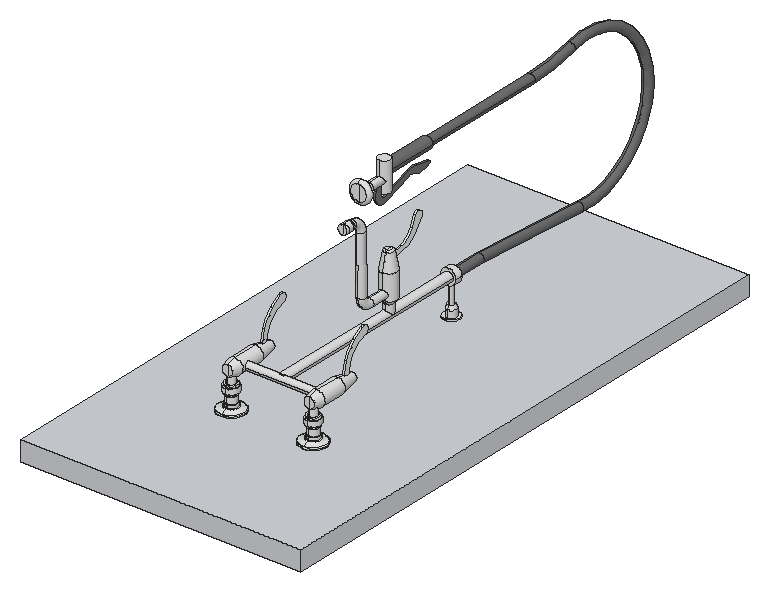
Revit family
Parameters (values of type "TF83WJP")
  WELSRating_ANZRS = ""
  URL = "www.galvinengineering.com.au"
  Type Comments = "Ezy-Wash Pre-Rinse"
  StyleOrType_ANZRS = "Plumbing Fixture"
  PlumbingMaterial_ANZRS = Metal_Taps_DR-Brass-with-Chrome-Finish_10800
  Outlet = "1000mm long high pressure hose with swivel ends"
  ModifiedIssue_ANZRS = 20120721.01  # constant formula
  Model = "TF83WJP"
  Manufacturer = "Galvin Engineering"
  Keynote = "15400"
  Instructions = "http://www.galvinengineering.com.au/Installation_Guides_1.aspx"
  Inlet = "15mm BSP Female"
  FlowRate = 0.000 L/s
  FlexibleHoseMaterial = Rubber_Taps_Black-with-Spring_10800
  FilterObject_ANZRS = "Ezy-Wash"
  DimInletRadius = 7.5 mm  # constant formula
  DimHeight = 1185.0 mm  # constant formula
  Description = "Wall Mounted Pre-Rinse Exposed Mixing Unit Type 83W"
  Default Elevation = 900.0 mm
  CreatedBy_ANZRS = "Galvin Engineering"
  CreatedByURL_ANZRS = "www.galvinengineering.com.au"
  CreatedByPhoneNo_ANZRS = "61-8-92495900"
  Assembly Code = "D2010"
Reference planes
  plane 1 "Bottom": y = 0
  plane 2 "Face": z = 0
  plane 3 "Center (Left/Right)": x = 0
  plane 4 "Top": y = 1185
  plane 5 "Width1": z = 342.559
  plane 6 "Width2": z = 402.559
  plane 7 "Left": x = -102.5
  plane 8: y = 220
  plane 9 "Right": x = 102.5
  plane 10: z = 92.559
  plane 11: y = 270
  plane 12: y = 28.5
Forms (mm)
  Extrusion 1, solid
    sketch origin (0, -719.2, 0) x (1, 0, 0) y (0, 1, 0)
      loop
        line (-350, 1769.2) -> (-350, 369.2) -> (350, 369.2) -> (350, 1769.2) -> (-350, 1769.2)
    from 0 to -50
  Extrusion 2, solid, material "Metal_Taps_DR-Brass-with-Chrome-Finish_10800" <- "PlumbingMaterial_ANZRS"
    sketch origin (0, 90.016, 158.511) x (1, 0, 0) y (0, 0, 1)
      loop
        circle (0, -66.426) r 19
    from -478.384 to -460.384
  Extrusion 3, solid, material "Metal_Taps_DR-Brass-with-Chrome-Finish_10800" <- "PlumbingMaterial_ANZRS"
    sketch origin (0, 493.399, -639.907) x (0, -1, 0) y (1, 0, 0)
      loop
        circle (-66.426, 0) r 5
    from 667.496 to 732.466
  Revolve 4, solid, material "Metal_Taps_DR-Brass-with-Chrome-Finish_10800" <- "PlumbingMaterial_ANZRS"
    sketch origin (0, 27.25, 0) x (0, 1, 0) y (0, 0, 1)
      loop
        line (532.575, 27.589) -> (523.865, 27.589) -> (520.575, 19.027) -> (520.575, 2) -> (512.575, 2) -> (512.575, 0) -> (532.575, 0) -> (532.575, 27.589)
      axis (532.575, 27.589) -> (532.575, 0)
    angle from 0 to 360
  Revolve 5, solid, material "Metal_Taps_DR-Brass-with-Chrome-Finish_10800" <- "PlumbingMaterial_ANZRS"
    sketch origin (0, 265, 232.084) x (0, 1, 0) y (0, 0, 1)
      loop
        line (-21.167, 110.475) -> (-21.167, 120.475) -> (-26.583, 122.458) -> (-40.125, 122.458) -> (-45, 121.808) -> (-45, 110.475) -> (-21.167, 110.475)
      axis (-21.167, 110.475) -> (-45, 110.475)
    angle from 0 to 360
  Revolve 6, solid, material "Metal_Taps_DR-Brass-with-Chrome-Finish_10800" <- "PlumbingMaterial_ANZRS"
    sketch origin (0, 30, 16.084) x (0, 1, 0) y (0, 0, 1)
      loop
        line (315.4, 174.531) -> (315.4, 112.555) -> (323.337, 102.201) -> (323.337, 79.337) -> (334.45, 79.337) -> (334.45, 221.495)
        arc (334.45, 221.495) -> (330.408, 221.323) -> (326.396, 220.808) r 47.506
        arc (326.396, 220.808) -> (324.257, 219.705) -> (323.137, 217.573) r 4
        line (323.137, 217.573) -> (315.4, 174.531)
      axis (334.45, 221.495) -> (334.45, 79.337)
    angle from 0 to 360
  Extrusion 7, solid, material "Metal_Taps_DR-Brass-with-Chrome-Finish_10800" <- "PlumbingMaterial_ANZRS"
    sketch origin (0, 30, 0) x (0, 1, 0) y (0, 0, 1)
      loop
        arc (405.482, 254.138) -> (391.839, 236.36) -> (371.613, 226.712) r 48
        line (371.613, 226.712) -> (337.488, 219.459) -> (339.435, 208.627) -> (379.064, 217.05)
        arc (379.064, 217.05) -> (400.215, 226.138) -> (416.278, 242.627) r 59
        line (416.278, 242.627) -> (432.699, 267.913)
        arc (432.699, 267.913) -> (429.833, 281.401) -> (416.345, 278.534) r 9.75
        line (416.345, 278.534) -> (405.482, 254.138)
    from -2.5 to 2.5
  Sweep 8, solid, material "Metal_Taps_DR-Brass-with-Chrome-Finish_10800" <- "PlumbingMaterial_ANZRS"
    path origin (0, 30, 16.084) x (0, 1, 0) y (0, 0, 1)
      loop
        line (213.833, 326.475) -> (218.713, 326.475)
        arc (218.713, 326.475) -> (237.45, 318.81) -> (245.44, 300.209) r 26.731
        line (245.44, 300.209) -> (248.035, 151.369)
        arc (248.035, 151.369) -> (255.672, 133.591) -> (273.581, 126.264) r 25.55
        line (273.581, 126.264) -> (328.581, 126.264)
    profile origin (0, 331.081, 142.349) x (0, 0, 1) y (1, 0, 0)
      loop
        circle (0, 0) r 10
  Revolve 9, solid, material "Metal_Taps_DR-Brass-with-Chrome-Finish_10800" <- "PlumbingMaterial_ANZRS"
    sketch origin (-102.5, 0, 0) x (0, 0, 1) y (0, -1, 0)
      loop
        line (92.559, 0) -> (92.559, 9.45) -> (62, 9.45) -> (62, 13.8)
        arc (62, 13.8) -> (61.561, 14.861) -> (60.5, 15.3) r 1.5
        line (60.5, 15.3) -> (56.762, 15.3)
        arc (56.762, 15.3) -> (56.255, 16.708) -> (55.5, 18) r 8.183
        line (55.5, 18) -> (43.5, 18)
        arc (43.5, 18) -> (42.745, 16.708) -> (42.238, 15.3) r 8.183
        line (42.238, 15.3) -> (38.5, 15.3)
        arc (38.5, 15.3) -> (37.439, 14.861) -> (37, 13.8) r 1.5
        line (37, 13.8) -> (37, 12.751) -> (18.816, 12.751)
        arc (18.816, 12.751) -> (18.124, 14.162) -> (16.99, 15.25) r 4.512
        line (16.99, 15.25) -> (11.696, 15.25)
        arc (11.696, 15.25) -> (10.966, 16.428) -> (9.992, 17.414) r 6.168
        arc (9.992, 17.414) -> (5.373, 23.876) -> (3.454, 31.583) r 21.211
        arc (3.454, 31.583) -> (2.988, 32.59) -> (1.957, 33) r 1.5
        line (1.957, 33) -> (0, 33) -> (0, 0) -> (92.559, 0)
      axis (92.559, 0) -> (0, 0)
    angle from 0 to 360
  Revolve 10, solid, material "Metal_Taps_DR-Brass-with-Chrome-Finish_10800" <- "PlumbingMaterial_ANZRS"
    sketch origin (-102.5, 0, 0) x (0, 0, 1) y (0, -1, 0)
      loop
        line (73.509, -75.25) -> (81.72, -120.927)
        arc (81.72, -120.927) -> (87.095, -121.976) -> (92.559, -122.327) r 42.639
        line (92.559, -122.327) -> (92.559, 11.75) -> (79.559, 11.75) -> (73.509, -11.946) -> (73.509, -75.25)
      axis (92.559, -122.327) -> (92.559, 11.75)
    angle from 0 to 360
  Extrusion 11, solid, material "Metal_Taps_DR-Brass-with-Chrome-Finish_10800" <- "PlumbingMaterial_ANZRS"
    sketch origin (-102.5, 0, 0) x (0, 0, 1) y (0, -1, 0)
      loop
        line (163.416, -138.347) -> (174.279, -162.743)
        arc (174.279, -162.743) -> (187.767, -165.61) -> (190.634, -152.123) r 9.75
        line (190.634, -152.123) -> (174.213, -126.837)
        arc (174.213, -126.837) -> (157.17, -111.772) -> (136.998, -101.26) r 93.673
        line (136.998, -101.26) -> (97.369, -92.836) -> (95.422, -103.668) -> (129.547, -110.922)
        arc (129.547, -110.922) -> (148.286, -122.406) -> (163.416, -138.347) r 84.238
    from -2.5 to 2.5
  Revolve 12, solid, material "Metal_Taps_DR-Brass-with-Chrome-Finish_10800" <- "PlumbingMaterial_ANZRS"
    sketch origin (102.5, 0, 0) x (0, 0, 1) y (0, -1, 0)
      loop
        line (92.559, 0) -> (92.559, 9.45) -> (62, 9.45) -> (62, 13.8)
        arc (62, 13.8) -> (61.561, 14.861) -> (60.5, 15.3) r 1.5
        line (60.5, 15.3) -> (56.762, 15.3)
        arc (56.762, 15.3) -> (56.255, 16.708) -> (55.5, 18) r 8.183
        line (55.5, 18) -> (43.5, 18)
        arc (43.5, 18) -> (42.745, 16.708) -> (42.238, 15.3) r 8.183
        line (42.238, 15.3) -> (38.5, 15.3)
        arc (38.5, 15.3) -> (37.439, 14.861) -> (37, 13.8) r 1.5
        line (37, 13.8) -> (37, 12.751) -> (18.816, 12.751)
        arc (18.816, 12.751) -> (18.124, 14.162) -> (16.99, 15.25) r 4.512
        line (16.99, 15.25) -> (11.696, 15.25)
        arc (11.696, 15.25) -> (10.966, 16.428) -> (9.992, 17.414) r 6.168
        arc (9.992, 17.414) -> (5.373, 23.876) -> (3.454, 31.583) r 21.211
        arc (3.454, 31.583) -> (2.988, 32.59) -> (1.957, 33) r 1.5
        line (1.957, 33) -> (0, 33) -> (0, 0) -> (92.559, 0)
      axis (92.559, 0) -> (0, 0)
    angle from 0 to 360
  Extrusion 13, solid, material "Metal_Taps_DR-Brass-with-Chrome-Finish_10800" <- "PlumbingMaterial_ANZRS"
    sketch origin (0, 284.042, -227.311) x (0, -1, 0) y (1, 0, 0)
      loop
        circle (-66.426, 0) r 15
    from 601.678 to 673.678
  Revolve 14, solid, material "Metal_Taps_DR-Brass-with-Chrome-Finish_10800" <- "PlumbingMaterial_ANZRS"
    sketch origin (0, -176.054, 16.084) x (0, 1, 0) y (0, 0, 1)
      loop
        line (475.022, 398.475) -> (468.022, 398.475)
        arc (468.022, 398.475) -> (462.365, 400.818) -> (460.022, 406.475) r 8
        arc (460.022, 406.475) -> (453.022, 413.475) -> (446.022, 406.475) r 7
        line (446.022, 406.475) -> (446.022, 386.475) -> (526.522, 386.475) -> (526.522, 395.725) -> (475.022, 395.725) -> (475.022, 398.475)
      axis (526.522, 386.475) -> (446.022, 386.475)
    angle from 0 to 360
  Revolve 15, solid, material "Metal_Taps_DR-Brass-with-Chrome-Finish_10800" <- "PlumbingMaterial_ANZRS"
    sketch origin (102.5, 0, 0) x (0, 0, 1) y (0, -1, 0)
      loop
        line (73.509, -75.25) -> (81.72, -120.927)
        arc (81.72, -120.927) -> (87.095, -121.976) -> (92.559, -122.327) r 42.639
        line (92.559, -122.327) -> (92.559, 11.75) -> (79.559, 11.75) -> (73.509, -11.946) -> (73.509, -75.25)
      axis (92.559, -122.327) -> (92.559, 11.75)
    angle from 0 to 360
  Extrusion 16, solid, material "Metal_Taps_DR-Brass-with-Chrome-Finish_10800" <- "PlumbingMaterial_ANZRS"
    sketch origin (102.5, 0, 0) x (0, 0, 1) y (0, 1, 0)
      loop
        arc (163.416, 138.347) -> (148.286, 122.406) -> (129.547, 110.922) r 84.238
        line (129.547, 110.922) -> (95.422, 103.668) -> (97.369, 92.836) -> (136.998, 101.26)
        arc (136.998, 101.26) -> (157.17, 111.772) -> (174.213, 126.837) r 93.673
        line (174.213, 126.837) -> (190.634, 152.123)
        arc (190.634, 152.123) -> (187.767, 165.61) -> (174.279, 162.743) r 9.75
        line (174.279, 162.743) -> (163.416, 138.347)
    from -2.5 to 2.5
  Extrusion 17, solid, material "Metal_Taps_DR-Brass-with-Chrome-Finish_10800" <- "PlumbingMaterial_ANZRS"
    sketch origin (0, 0, 0) x (0, 1, 0) y (0, 0, 1)
      loop
        circle (28.5, 92.559) r 9.5
    from -102.5 to 102.5
  Extrusion 18, solid, material "Rubber_Taps_Black_10800"
    sketch origin (0, 40, 16.084) x (0, 1, 0) y (0, 0, 1)
      loop
        arc (411.777, 371.767) -> (397.304, 372.477) -> (383.147, 369.382) r 55
        line (383.147, 369.382) -> (315.849, 345.019)
        arc (315.849, 345.019) -> (302.11, 345.383) -> (295.343, 357.345) r 13.957
        line (295.343, 357.345) -> (295.343, 377.158) -> (275.467, 377.158)
        arc (275.467, 377.158) -> (281.438, 374.328) -> (281.971, 367.741) r 6.607
        arc (281.971, 367.741) -> (286.393, 339.066) -> (314.624, 332.371) r 25.979
        line (314.624, 332.371) -> (382.449, 357.921)
        arc (382.449, 357.921) -> (393.112, 359.46) -> (403.432, 356.369) r 25
        arc (403.432, 356.369) -> (425.167, 351.302) -> (446.286, 358.517) r 40.5
        arc (446.286, 358.517) -> (447.909, 362.648) -> (444.72, 365.734) r 4
        line (444.72, 365.734) -> (411.777, 371.767)
    from -2.5 to 2.5
  Extrusion 19, solid, material "Rubber_Taps_Black_10800"
    sketch origin (0, -182.443, 489.293) x (1, 0, 0) y (0, 0, 1)
      loop
        circle (0, -66.426) r 15
    from -664.611 to -535.911
  Sweep 20, solid, material "Rubber_Taps_Black-with-Spring_10800" <- "FlexibleHoseMaterial"
    path origin (0, 175, 16.084) x (0, 1, 0) y (0, 0, 1)
      loop
        line (393.4, 76) -> (471.092, 76)
        arc (471.092, 76) -> (626.826, 70.392) -> (781.754, 53.595) r 2165
        arc (781.754, 53.595) -> (998.347, 253.639) -> (757.789, 424.115) r 189.76
        arc (757.789, 424.115) -> (695.326, 411.136) -> (631.678, 406.783) r 467.457
    profile origin (0, 607.246, 92.084) x (0, 0, 1) y (1, 0, 0)
      loop
        circle (0, 0) r 11.1
  Extrusion 21, solid, material "Rubber_Taps_Black_10800"
    sketch origin (0, -22.443, 489.293) x (1, 0, 0) y (0, 0, 1)
      loop
        circle (0, -66.426) r 11.1
    from -829.121 to -504.611
  Extrusion 22, solid, material "Metal_Taps_DR-Brass-with-Chrome-Finish_10800" <- "PlumbingMaterial_ANZRS"
    sketch origin (0, 90.016, 158.511) x (1, 0, 0) y (0, 0, 1)
      loop
        circle (0, -66.426) r 11.1
    from -460.384 to 61.516
Cuts and joins
  joined: Extrusion 2, Extrusion 3, Revolve 6, Extrusion 7, Sweep 8, Revolve 9, Revolve 10, Extrusion 11, Revolve 12, Revolve 15, Extrusion 17, Extrusion 22
Dimensions and locks
  "DimHeight": plane 4 "Top" to plane 1 "Bottom"
  locked: plane 5 "Width1" to plane 10 at 250
  locked: plane 8 to plane 1 "Bottom" at 220
  locked: plane 11 to plane 1 "Bottom" at 270
  locked: plane 6 "Width2" to plane 10 at 310
  locked: plane 7 "Left" to plane 9 "Right" at 205
  aligned and locked: plane 2 "Face" to Extrusion 1
  aligned and locked: level to Extrusion 1
  aligned and locked: plane 2 "Face" to Revolve 9 sketch curve
  aligned and locked: Extrusion 17 to plane 7 "Left"
  aligned and locked: Extrusion 17 to plane 9 "Right"
  aligned and locked: Extrusion 22 to plane 12
Automatic sketch dimensions
  Extrusion 1 sketch curve to Extrusion 1 sketch curve = 700.0 mm
  Extrusion 1 sketch curve to Extrusion 1 sketch curve = 1400.0 mm
  Extrusion 2 sketch curve to plane 3 "Center (Left/Right)" = 0.0 mm
  Extrusion 2 sketch curve to plane 10 = 0.475 mm
  Extrusion 3 sketch curve to plane 3 "Center (Left/Right)" = 0.0 mm
  plane 11 to Extrusion 3 sketch curve = 289.825 mm
  level to Revolve 4 sketch curve = 0.0 mm
  plane 11 to Revolve 4 sketch curve = 269.825 mm
  level to Revolve 4 sketch curve = 2.0 mm
  Revolve 4 sketch curve to Revolve 4 sketch curve = 8.0 mm
  Revolve 4 sketch curve to Revolve 4 sketch curve = 3.29 mm
  Revolve 4 sketch curve to Revolve 4 sketch curve = 8.71 mm
  Revolve 4 sketch curve to Revolve 4 sketch curve = 0.0 mm
  Revolve 4 sketch curve to Revolve 4 sketch curve = 8.344 mm
  Revolve 4 sketch curve to Revolve 4 sketch curve = 12.589 mm
  Revolve 4 sketch curve to Revolve 4 sketch curve = 8.562 mm
  Revolve 5 sketch curve to plane 5 "Width1" = 0.0 mm  (x2)
  Revolve 5 sketch curve to plane 8 = 0.0 mm
  Revolve 5 sketch curve to plane 8 = 8.083 mm
  plane 8 to Revolve 5 sketch curve = 4.875 mm
  Revolve 5 sketch curve to Revolve 5 sketch curve = 11.917 mm  (x2)
  Revolve 5 sketch curve to Revolve 5 sketch curve = 13.542 mm
  Revolve 5 sketch curve to Revolve 5 sketch curve = 10.0 mm
  Revolve 5 sketch curve to Revolve 5 sketch curve = 11.333 mm
  Revolve 5 sketch curve to Revolve 5 sketch curve = 0.65 mm
  plane 10 to Revolve 6 sketch curve = 36.08 mm
  plane 11 to Revolve 6 sketch curve = 75.4 mm
  Revolve 6 sketch curve to Revolve 6 sketch curve = 7.737 mm
  plane 10 to Revolve 6 sketch curve = 2.862 mm
  Revolve 6 sketch curve to Revolve 6 sketch curve = 7.938 mm
  Revolve 6 sketch curve to Revolve 6 sketch curve = 3.259 mm
  Revolve 6 sketch curve to Revolve 6 sketch curve = 0.0 mm  (x2)
  Revolve 6 sketch curve to Revolve 6 sketch curve = 3.937 mm
  Revolve 6 sketch curve to Revolve 6 sketch curve = 8.054 mm
  Revolve 6 sketch curve to Revolve 6 sketch curve = 10.353 mm
  Revolve 6 sketch curve to Revolve 6 sketch curve = 36.193 mm
  Revolve 6 sketch curve to Revolve 6 sketch curve = 25.241 mm
  Revolve 6 sketch curve to Revolve 6 sketch curve = 0.542 mm
  Revolve 6 sketch curve to Revolve 6 sketch curve = 42.877 mm
  plane 11 to Extrusion 7 sketch curve = 97.488 mm
  Extrusion 7 sketch curve to Extrusion 7 sketch curve = 1.947 mm
  Extrusion 7 sketch curve to Extrusion 7 sketch curve = 24.145 mm
  Extrusion 7 sketch curve to Extrusion 7 sketch curve = 5.164 mm
  Extrusion 7 sketch curve to Extrusion 7 sketch curve = 34.125 mm
  Extrusion 7 sketch curve to Extrusion 7 sketch curve = 7.451 mm
  Extrusion 7 sketch curve to plane 5 "Width1" = 88.421 mm
  Extrusion 7 sketch curve to Extrusion 7 sketch curve = 33.869 mm
  Extrusion 7 sketch curve to Extrusion 7 sketch curve = 10.796 mm
  Extrusion 7 sketch curve to plane 5 "Width1" = 64.025 mm
  Extrusion 7 sketch curve to Extrusion 7 sketch curve = 10.863 mm
  Extrusion 7 sketch curve to Extrusion 7 sketch curve = 8.177 mm  (x2)
  Extrusion 7 sketch curve to plane 5 "Width1" = 74.646 mm
  Extrusion 7 sketch curve to Extrusion 7 sketch curve = 11.511 mm
  Extrusion 7 sketch curve to Extrusion 7 sketch curve = 27.426 mm
  Extrusion 7 sketch curve to Extrusion 7 sketch curve = 7.253 mm
  Extrusion 7 sketch curve to Extrusion 7 sketch curve = 9.662 mm
  Extrusion 7 sketch curve to Extrusion 7 sketch curve = 10.832 mm
  Sweep 8 sketch curve to plane 5 "Width1" = 0.0 mm
  plane 8 to Sweep 8 sketch curve = 23.833 mm
  Sweep 8 sketch curve to plane 11 = 21.287 mm
  plane 11 to Sweep 8 sketch curve = 5.44 mm
  plane 11 to Sweep 8 sketch curve = 8.035 mm
  Sweep 8 sketch curve to Sweep 8 sketch curve = 25.546 mm
  Sweep 8 sketch curve to Sweep 8 sketch curve = 55.0 mm
  Sweep 8 sketch curve to plane 5 "Width1" = 26.266 mm
  plane 10 to Sweep 8 sketch curve = 75.339 mm
  Sweep 8 sketch curve to Sweep 8 sketch curve = 0.445 mm
  Sweep 8 sketch curve to profile plane = 0.0 mm  (x2)
  Revolve 9 sketch curve to plane 1 "Bottom" = 0.0 mm  (x2)
  Revolve 9 sketch curve to plane 10 = 0.0 mm
  Revolve 9 sketch curve to Revolve 9 sketch curve = 79.884 mm
  level to Revolve 9 sketch curve = 1.957 mm
  Revolve 9 sketch curve to Revolve 9 sketch curve = 1.498 mm
  Revolve 9 sketch curve to Revolve 9 sketch curve = 0.0 mm  (x2)
  level to Revolve 9 sketch curve = 6.12 mm
  Revolve 9 sketch curve to Revolve 9 sketch curve = 3.872 mm
  Revolve 9 sketch curve to Revolve 9 sketch curve = 1.704 mm
  Revolve 9 sketch curve to Revolve 9 sketch curve = 2.786 mm
  Revolve 9 sketch curve to Revolve 9 sketch curve = 2.509 mm
  Revolve 9 sketch curve to Revolve 9 sketch curve = 1.826 mm
  Revolve 9 sketch curve to Revolve 9 sketch curve = 7.643 mm
  Revolve 9 sketch curve to Revolve 9 sketch curve = 1.5 mm  (x2)
  Revolve 9 sketch curve to Revolve 9 sketch curve = 1.316 mm
  Revolve 9 sketch curve to Revolve 9 sketch curve = 5.342 mm
  Revolve 9 sketch curve to Revolve 9 sketch curve = 1.262 mm  (x2)
  Revolve 9 sketch curve to Revolve 9 sketch curve = 3.738 mm  (x2)
  plane 1 "Bottom" to Revolve 9 sketch curve = 9.45 mm
  plane 1 "Bottom" to Revolve 9 sketch curve = 11.5 mm
  Revolve 9 sketch curve to Revolve 9 sketch curve = 1.112 mm
  plane 1 "Bottom" to Revolve 9 sketch curve = 12.751 mm
  Revolve 9 sketch curve to Revolve 9 sketch curve = 3.792 mm
  Revolve 9 sketch curve to Revolve 9 sketch curve = 4.35 mm
  Revolve 9 sketch curve to Revolve 9 sketch curve = 14.086 mm
  Revolve 12 sketch curve to plane 1 "Bottom" = 0.0 mm  (x2)
  Revolve 12 sketch curve to level = 0.0 mm
  plane 10 to Revolve 12 sketch curve = 0.0 mm
  Revolve 12 sketch curve to Revolve 12 sketch curve = 79.884 mm
  Revolve 12 sketch curve to level = 1.957 mm
  Revolve 12 sketch curve to Revolve 12 sketch curve = 1.498 mm
  Revolve 12 sketch curve to Revolve 12 sketch curve = 0.0 mm  (x2)
  Revolve 12 sketch curve to level = 6.12 mm
  Revolve 12 sketch curve to Revolve 12 sketch curve = 3.872 mm
  Revolve 12 sketch curve to Revolve 12 sketch curve = 1.704 mm
  Revolve 12 sketch curve to Revolve 12 sketch curve = 2.786 mm
  Revolve 12 sketch curve to Revolve 12 sketch curve = 2.509 mm
  Revolve 12 sketch curve to Revolve 12 sketch curve = 1.826 mm
  Revolve 12 sketch curve to Revolve 12 sketch curve = 7.643 mm
  Revolve 12 sketch curve to Revolve 12 sketch curve = 1.5 mm  (x2)
  Revolve 12 sketch curve to Revolve 12 sketch curve = 1.316 mm
  Revolve 12 sketch curve to Revolve 12 sketch curve = 5.342 mm
  Revolve 12 sketch curve to Revolve 12 sketch curve = 1.262 mm  (x2)
  Revolve 12 sketch curve to Revolve 12 sketch curve = 3.738 mm  (x2)
  Revolve 12 sketch curve to plane 1 "Bottom" = 9.45 mm
  Revolve 12 sketch curve to plane 1 "Bottom" = 11.5 mm
  Revolve 12 sketch curve to Revolve 12 sketch curve = 1.112 mm
  Revolve 12 sketch curve to plane 1 "Bottom" = 12.751 mm
  Revolve 12 sketch curve to Revolve 12 sketch curve = 3.792 mm
  Revolve 12 sketch curve to Revolve 12 sketch curve = 4.35 mm
  Revolve 12 sketch curve to Revolve 12 sketch curve = 14.086 mm
  Extrusion 13 sketch curve to plane 3 "Center (Left/Right)" = 0.0 mm
  plane 11 to Extrusion 13 sketch curve = 80.468 mm
  Revolve 14 sketch curve to plane 6 "Width2" = 0.0 mm  (x2)
  Revolve 14 sketch curve to plane 11 = 15.032 mm
  Revolve 14 sketch curve to plane 11 = 0.032 mm
  plane 11 to Revolve 14 sketch curve = 6.968 mm
  Revolve 14 sketch curve to Revolve 14 sketch curve = 0.0 mm
  Revolve 14 sketch curve to Revolve 14 sketch curve = 8.0 mm
  Revolve 14 sketch curve to Revolve 14 sketch curve = 7.0 mm
  Revolve 14 sketch curve to Revolve 14 sketch curve = 6.0 mm
  Revolve 14 sketch curve to Revolve 14 sketch curve = 45.5 mm
  plane 6 "Width2" to Revolve 14 sketch curve = 9.25 mm
  Revolve 14 sketch curve to Revolve 14 sketch curve = 2.75 mm
  plane 10 to Revolve 15 sketch curve = 0.0 mm  (x2)
  plane 10 to Revolve 15 sketch curve = 10.839 mm
  Revolve 15 sketch curve to Revolve 15 sketch curve = 13.0 mm
  plane 10 to Revolve 15 sketch curve = 19.05 mm
  plane 8 to Revolve 15 sketch curve = 97.673 mm
  Revolve 15 sketch curve to Revolve 15 sketch curve = 1.401 mm
  Revolve 15 sketch curve to Revolve 15 sketch curve = 4.438 mm
  plane 1 "Bottom" to Revolve 15 sketch curve = 39.666 mm
  plane 1 "Bottom" to Revolve 15 sketch curve = 11.946 mm
  Revolve 15 sketch curve to plane 1 "Bottom" = 11.75 mm
  Revolve 15 sketch curve to Revolve 15 sketch curve = 58.584 mm
  Extrusion 16 sketch curve to plane 10 = 2.716 mm
  Extrusion 16 sketch curve to plane 10 = 2.863 mm
  Extrusion 16 sketch curve to plane 10 = 4.81 mm
  Extrusion 16 sketch curve to Extrusion 16 sketch curve = 8.838 mm
  Extrusion 16 sketch curve to Extrusion 16 sketch curve = 34.125 mm
  Extrusion 16 sketch curve to Extrusion 16 sketch curve = 7.451 mm
  Extrusion 16 sketch curve to Extrusion 16 sketch curve = 33.869 mm
  Extrusion 16 sketch curve to Extrusion 16 sketch curve = 10.796 mm
  Extrusion 16 sketch curve to Extrusion 16 sketch curve = 10.863 mm
  Extrusion 16 sketch curve to Extrusion 16 sketch curve = 8.177 mm  (x2)
  plane 8 to Extrusion 16 sketch curve = 67.877 mm
  Extrusion 16 sketch curve to Extrusion 16 sketch curve = 5.31 mm
  plane 8 to Extrusion 16 sketch curve = 32.127 mm
  Extrusion 16 sketch curve to Extrusion 16 sketch curve = 1.098 mm
  Extrusion 16 sketch curve to Extrusion 16 sketch curve = 24.396 mm
  Extrusion 16 sketch curve to Extrusion 16 sketch curve = 11.511 mm
  Extrusion 16 sketch curve to Extrusion 16 sketch curve = 7.253 mm
  Extrusion 16 sketch curve to Extrusion 16 sketch curve = 10.832 mm
  Revolve 10 sketch curve to plane 10 = 0.0 mm  (x2)
  Revolve 10 sketch curve to plane 10 = 10.839 mm
  Revolve 10 sketch curve to Revolve 10 sketch curve = 13.0 mm
  Revolve 10 sketch curve to plane 10 = 19.05 mm
  Revolve 10 sketch curve to plane 8 = 97.673 mm
  Revolve 10 sketch curve to Revolve 10 sketch curve = 1.401 mm
  Revolve 10 sketch curve to Revolve 10 sketch curve = 4.438 mm
  Revolve 10 sketch curve to plane 1 "Bottom" = 39.666 mm
  Revolve 10 sketch curve to plane 1 "Bottom" = 11.946 mm
  plane 1 "Bottom" to Revolve 10 sketch curve = 11.75 mm
  Revolve 10 sketch curve to Revolve 10 sketch curve = 58.584 mm
  plane 10 to Extrusion 11 sketch curve = 2.716 mm
  plane 10 to Extrusion 11 sketch curve = 2.863 mm
  plane 10 to Extrusion 11 sketch curve = 4.81 mm
  Extrusion 11 sketch curve to Extrusion 11 sketch curve = 8.838 mm
  Extrusion 11 sketch curve to Extrusion 11 sketch curve = 34.125 mm
  Extrusion 11 sketch curve to Extrusion 11 sketch curve = 7.451 mm
  Extrusion 11 sketch curve to Extrusion 11 sketch curve = 33.869 mm
  Extrusion 11 sketch curve to Extrusion 11 sketch curve = 10.796 mm
  Extrusion 11 sketch curve to Extrusion 11 sketch curve = 10.863 mm
  Extrusion 11 sketch curve to Extrusion 11 sketch curve = 8.177 mm  (x2)
  Extrusion 11 sketch curve to plane 8 = 67.877 mm
  Extrusion 11 sketch curve to Extrusion 11 sketch curve = 5.31 mm
  Extrusion 11 sketch curve to plane 8 = 32.127 mm
  Extrusion 11 sketch curve to Extrusion 11 sketch curve = 1.098 mm
  Extrusion 11 sketch curve to Extrusion 11 sketch curve = 24.396 mm
  Extrusion 11 sketch curve to Extrusion 11 sketch curve = 11.511 mm
  Extrusion 11 sketch curve to Extrusion 11 sketch curve = 7.253 mm
  Extrusion 11 sketch curve to Extrusion 11 sketch curve = 10.832 mm
  level to Revolve 4 sketch curve = 15.0 mm
  Revolve 6 sketch curve to plane 10 = 37.727 mm
  Revolve 9 sketch curve to Revolve 9 sketch curve = 11.3 mm
  Revolve 9 sketch curve to Revolve 9 sketch curve = 6.884 mm
  Revolve 9 sketch curve to Revolve 9 sketch curve = 6.604 mm
  Revolve 12 sketch curve to Revolve 12 sketch curve = 11.3 mm
  Revolve 12 sketch curve to Revolve 12 sketch curve = 6.884 mm
  Revolve 12 sketch curve to Revolve 12 sketch curve = 6.604 mm
  Extrusion 17 sketch curve to plane 10 = 0.0 mm
  Extrusion 17 sketch curve to plane 1 "Bottom" = 28.5 mm
  plane 11 to Extrusion 18 sketch curve = 45.467 mm
  plane 11 to Extrusion 18 sketch curve = 46.002 mm
  Extrusion 18 sketch curve to Extrusion 18 sketch curve = 5.969 mm
  Extrusion 18 sketch curve to Extrusion 18 sketch curve = 13.372 mm
  Extrusion 18 sketch curve to Extrusion 18 sketch curve = 10.139 mm
  Extrusion 18 sketch curve to Extrusion 18 sketch curve = 3.819 mm
  plane 5 "Width1" to Extrusion 18 sketch curve = 5.896 mm
  Extrusion 18 sketch curve to Extrusion 18 sketch curve = 5.324 mm
  plane 5 "Width1" to Extrusion 18 sketch curve = 18.544 mm
  Extrusion 18 sketch curve to Extrusion 18 sketch curve = 1.225 mm
  plane 5 "Width1" to Extrusion 18 sketch curve = 31.446 mm
  Extrusion 18 sketch curve to Extrusion 18 sketch curve = 66.6 mm
  plane 5 "Width1" to Extrusion 18 sketch curve = 42.907 mm
  Extrusion 18 sketch curve to Extrusion 18 sketch curve = 0.699 mm
  plane 5 "Width1" to Extrusion 18 sketch curve = 8.053 mm
  Extrusion 18 sketch curve to Extrusion 18 sketch curve = 8.819 mm
  Extrusion 18 sketch curve to Extrusion 18 sketch curve = 10.602 mm
  plane 5 "Width1" to Extrusion 18 sketch curve = 29.894 mm
  Extrusion 18 sketch curve to Extrusion 18 sketch curve = 20.983 mm
  plane 5 "Width1" to Extrusion 18 sketch curve = 45.292 mm
  Extrusion 18 sketch curve to Extrusion 18 sketch curve = 8.345 mm
  plane 6 "Width2" to Extrusion 18 sketch curve = 5.276 mm
  Extrusion 18 sketch curve to Extrusion 18 sketch curve = 32.223 mm
  plane 5 "Width1" to Extrusion 18 sketch curve = 39.259 mm
  Extrusion 18 sketch curve to Extrusion 18 sketch curve = 0.721 mm
  Extrusion 18 sketch curve to Extrusion 18 sketch curve = 2.286 mm
  Extrusion 18 sketch curve to Extrusion 18 sketch curve = 0.657 mm
  Extrusion 18 sketch curve to Extrusion 18 sketch curve = 2.832 mm
  Extrusion 19 sketch curve to plane 3 "Center (Left/Right)" = 0.0 mm
  plane 6 "Width2" to Extrusion 19 sketch curve = 20.308 mm
  Sweep 20 sketch curve to profile plane = 0.0 mm  (x2)
  Extrusion 21 sketch curve to plane 3 "Center (Left/Right)" = 0.0 mm
  plane 6 "Width2" to Extrusion 21 sketch curve = 20.308 mm
  Sweep 20 sketch curve to plane 10 = 0.475 mm
  plane 11 to Sweep 20 sketch curve = 298.4 mm
  Sweep 20 sketch curve to Sweep 20 sketch curve = 77.691 mm
  plane 6 "Width2" to Sweep 20 sketch curve = 37.64 mm
  Sweep 20 sketch curve to Sweep 20 sketch curve = 0.0 mm  (x2)
  Sweep 20 sketch curve to plane 10 = 22.88 mm
  Sweep 20 sketch curve to Sweep 20 sketch curve = 310.662 mm
  plane 6 "Width2" to Sweep 20 sketch curve = 20.308 mm
  Sweep 20 sketch curve to Sweep 20 sketch curve = 160.586 mm
  Extrusion 22 sketch curve to plane 3 "Center (Left/Right)" = 0.0 mm
  Extrusion 22 sketch curve to plane 10 = 0.475 mm
  radius of Extrusion 2 sketch curve = 19.0 mm
  radius of Extrusion 3 sketch curve = 5.0 mm
  radius of Sweep 8 sketch curve = 10.0 mm
  radius of Extrusion 13 sketch curve = 15.0 mm
  radius of Extrusion 17 sketch curve = 9.5 mm
  radius of Extrusion 19 sketch curve = 15.0 mm
  radius of Sweep 20 sketch curve = 11.1 mm
  radius of Extrusion 21 sketch curve = 11.1 mm
  radius of Extrusion 22 sketch curve = 11.1 mm
Connectors
  piping at (102.5, 0, 0), driven by "FlowRate", driven by "DimInletRadius"
    settings: on cut or joined group 1 (Extrusion 2, Extrusion 3, Revolve 6, Extrusion 7, Sweep 8, Revolve 9, Revolve 10, Extrusion 11, Revolve 12, Revolve 15, Extrusion 17, Extrusion 22), index 2, connector radius 0.29528", flow factor 0, pipe flow 0.000 L/s, pressure drop 0.00 psi, fitting loss kfactor 0, connector angle 0.00°, fixture units 0, flow configuration 1, flow direction 1, fitting loss method 4, system type 20, connector reference index -1, connector utility 0, adjustable connector no, is connector primary yes, fitting loss table "", connector description "Inlet"
  piping at (-102.5, 0, 0), driven by "FlowRate", driven by "DimInletRadius"
    settings: on cut or joined group 1, index 3, connector radius 0.29528", flow factor 0, pipe flow 0.000 L/s, pressure drop 0.00 psi, fitting loss kfactor 0, connector angle 0.00°, fixture units 0, flow configuration 1, flow direction 1, fitting loss method 4, system type 19, connector reference index -1, connector utility 0, adjustable connector no, is connector primary no, fitting loss table "", connector description "Inlet"
